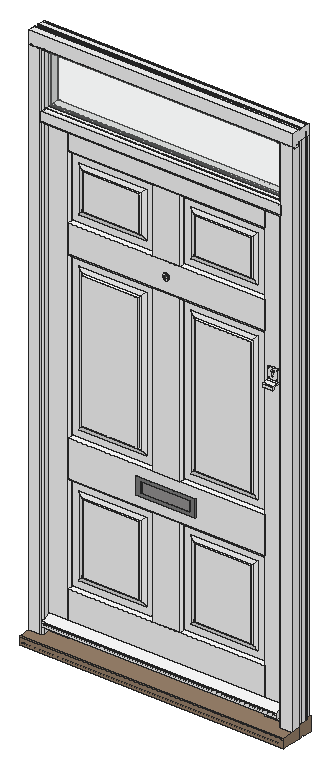
Revit family "ED33-F", category Doors, host Wall, Revit 2012 (continued)
Definition of nested family "LetterBox"
  Automatic sketch dimensions
    Extrusion 2 sketch curve to plane 3 "Center (Left/Right)" = 114.5 mm
    level to Extrusion 2 sketch curve = 1054.923 mm
    Extrusion 2 sketch curve to Extrusion 2 sketch curve = 46.2 mm
    Extrusion 3 sketch curve to plane 3 "Center (Left/Right)" = 112.5 mm
    plane 3 "Center (Left/Right)" to Extrusion 3 sketch curve = 112.5 mm
    level to Extrusion 3 sketch curve = 1010.724 mm
    Extrusion 3 sketch curve to Extrusion 3 sketch curve = 42.2 mm
Definition of nested family "Door Viewer"
  Parameters (values of type "Door Viewer")
    LeafThickness = 60.0 mm
    GlazingPanelMaterial = Glass
  Reference planes
    plane 1 "Center (Front/Back)": y = 0
    plane 2: z = 0
    plane 3 "Center (Left/Right)": x = 0
    plane 4: y = 77.403
    plane 5: y = 137.403
    plane 6: z = 1556.839
    plane 7: x = 30
  Forms (mm)
    Extrusion 1, solid, material "Door - Architrave"
      sketch origin (-189.459, 124.901, -610) x (1, 0, 0) y (0, 0, 1)
        loop
          circle (219.459, 2166.889) r 8
        loop
          circle (219.459, 2166.995) r 10
      from -12.502 to 47.498
    Extrusion 2, solid, material "Door Handle - Aluminium"
      sketch origin (-206.49, 124.901, -716.875) x (1, 0, 0) y (0, 0, 1)
        loop
          circle (236.49, 2273.714) r 15
        loop
          circle (236.49, 2273.876) r 8
      from -14.002 to -12.502
    Extrusion 3, solid, material "Door Handle - Aluminium"
      sketch origin (-206.49, 77.403, -716.719) x (1, 0, 0) y (0, 0, 1)
        loop
          circle (236.49, 2273.714) r 15
        loop
          circle (236.49, 2273.608) r 8
      from 0 to 1.5
    Extrusion 4, solid, material "Glass" <- "GlazingPanelMaterial"
      sketch origin (-190.084, 123.105, -609.219) x (1, 0, 0) y (0, 0, 1)
        loop
          circle (220.042, 2166.111) r 8
      from -15.798 to 47.202
  Dimensions and locks
    "LeafThickness": plane 5 to plane 4
    locked: Extrusion 2 to Extrusion 2 at 1.5
    locked: Extrusion 3 to Extrusion 3 at 1.5
    aligned and locked: plane 2 to level
    aligned and locked: plane 4 to Extrusion 3
    aligned and locked: plane 5 to Extrusion 2
    aligned and locked: plane 6 to Extrusion 2
    aligned and locked: Extrusion 2 to Extrusion 4
    aligned and locked: Extrusion 3 to Extrusion 4
    aligned and locked: Extrusion 1 to Extrusion 2
    aligned and locked: Extrusion 1 to Extrusion 3
  Automatic sketch dimensions
    Extrusion 1 sketch curve to Extrusion 1 sketch curve = 0.0 mm
    Extrusion 1 sketch curve to Extrusion 1 sketch curve = 0.105 mm
    plane 3 "Center (Left/Right)" to Extrusion 1 sketch curve = 30.0 mm
    level to Extrusion 1 sketch curve = 1556.995 mm
    Extrusion 2 sketch curve to Extrusion 2 sketch curve = 0.0 mm
    Extrusion 2 sketch curve to Extrusion 2 sketch curve = 0.162 mm
    plane 3 "Center (Left/Right)" to Extrusion 2 sketch curve = 30.0 mm
    level to Extrusion 2 sketch curve = 1557.001 mm
    Extrusion 3 sketch curve to Extrusion 3 sketch curve = 0.0 mm
    Extrusion 3 sketch curve to Extrusion 3 sketch curve = 0.105 mm
    plane 3 "Center (Left/Right)" to Extrusion 3 sketch curve = 30.0 mm
    level to Extrusion 3 sketch curve = 1556.889 mm
    plane 3 "Center (Left/Right)" to Extrusion 4 sketch curve = 29.958 mm
    level to Extrusion 4 sketch curve = 1556.893 mm
    radius of Extrusion 1 sketch curve = 8.0 mm
    radius of Extrusion 1 sketch curve = 10.0 mm
    radius of Extrusion 2 sketch curve = 15.0 mm
    radius of Extrusion 2 sketch curve = 8.0 mm
    radius of Extrusion 3 sketch curve = 15.0 mm
    radius of Extrusion 3 sketch curve = 8.0 mm
    radius of Extrusion 4 sketch curve = 8.0 mm
Definition of nested family "Family1"
  Parameters (values of type "Family1")
    Material Ironmongery = Metal - Stainless Steel
  Reference planes
    plane 1 "Center (Front/Back)": y = 0
    plane 2: z = 0
    plane 3 "Center (Left/Right)": x = 0
    plane 4: z = 38.692
  Forms (mm)
    Extrusion 1, solid, material "Metal - Stainless Steel" <- "Material Ironmongery"
      sketch origin (-0.003, 0, -872.17) x (-1, 0, 0) y (0, 0, 1)
        loop
          arc (-5.003, 894.129) -> (-0.003, 889.129) -> (4.997, 894.129) r 5
          line (4.997, 894.129) -> (4.997, 904.129)
          arc (4.997, 904.129) -> (-0.003, 919.247) -> (-5.003, 904.129) r 8.386
          line (-5.003, 904.129) -> (-5.003, 894.129)
        loop
          line (24, 875.366) -> (24, 922.366)
          arc (24, 922.366) -> (22.536, 925.901) -> (19, 927.366) r 5
          line (19, 927.366) -> (0, 927.366) -> (-19, 927.366)
          arc (-19, 927.366) -> (-22.536, 925.901) -> (-24, 922.366) r 5
          line (-24, 922.366) -> (-24, 875.366) -> (24, 875.366)
        loop
          circle (17.961, 921.366) r 1.973
        loop
          circle (-17.746, 921.208) r 1.973
        loop
          circle (-17.746, 881.366) r 1.973
        loop
          circle (17.961, 881.366) r 1.973
      from 0 to 5
    Extrusion 2, solid, material "Metal - Stainless Steel" <- "Material Ironmongery"
      sketch origin (-24.003, 0, -871.988) x (0, 1, 0) y (0, 0, 1)
        loop
          line (5, 875.366) -> (0, 875.366) -> (0, 870.366)
          arc (0, 870.366) -> (0.736, 867.778) -> (3.049, 866.405) r 3.637
          line (3.049, 866.405) -> (28.009, 862.451)
          arc (28.009, 862.451) -> (29.32, 861.717) -> (29.84, 860.308) r 2.17
          line (29.84, 860.308) -> (29.84, 852.151) -> (34.84, 852.151) -> (34.84, 862.151)
          arc (34.84, 862.151) -> (33.35, 865.748) -> (29.754, 867.237) r 5.086
          line (29.754, 867.237) -> (10, 870.366)
          arc (10, 870.366) -> (6.464, 871.83) -> (5, 875.366) r 5
      from 0 to 48
  Dimensions and locks
    aligned and locked: plane 2 to level
